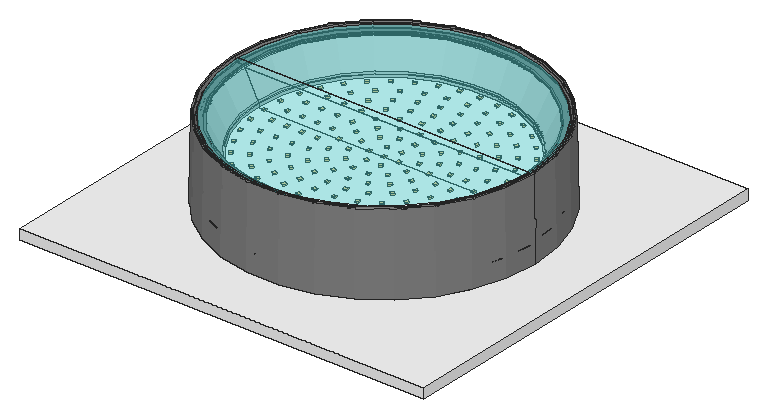
Revit family "BE_24648_de_DE", category Leuchten, Revit 2020 (continued)
Definition of nested family "BE_24648"
  Automatic sketch dimensions
    Extrusion 180 sketch curve to Extrusion 180 sketch curve = 3.2 mm
    plane 3 "Mitte (Links/Rechts)" to Revolve 181 sketch curve = 0 mm
    Revolve 181 sketch curve to plane 3 "Mitte (Links/Rechts)" = 140.207 mm
    Revolve 181 sketch curve to Revolve 181 sketch curve = 0.052 mm
    Revolve 181 sketch curve to Revolve 181 sketch curve = 2.793 mm
    level to Revolve 181 sketch curve = 22.614 mm
    Revolve 181 sketch curve to Revolve 181 sketch curve = 0.622 mm
    level to Revolve 181 sketch curve = 21.114 mm
    Revolve 181 sketch curve to Revolve 181 sketch curve = 0.128 mm
    Revolve 181 sketch curve to Revolve 181 sketch curve = 0.5 mm
    Revolve 181 sketch curve to Revolve 181 sketch curve = 1.198 mm
    Revolve 181 sketch curve to Revolve 181 sketch curve = 2.498 mm
    Revolve 181 sketch curve to Revolve 181 sketch curve = 0.051 mm
    level to Revolve 181 sketch curve = 4.114 mm
    Revolve 181 sketch curve to Revolve 181 sketch curve = 0.576 mm
    Revolve 181 sketch curve to Revolve 181 sketch curve = 1.422 mm
    Revolve 181 sketch curve to Revolve 181 sketch curve = 0.653 mm
    Revolve 181 sketch curve to Revolve 181 sketch curve = 0.838 mm
    level to Revolve 181 sketch curve = 83.576 mm
    Revolve 181 sketch curve to Revolve 181 sketch curve = 0.547 mm
    Revolve 181 sketch curve to Revolve 181 sketch curve = 4.373 mm
    Revolve 181 sketch curve to Revolve 181 sketch curve = 29.7 mm
    Revolve 181 sketch curve to Revolve 181 sketch curve = 6.462 mm
    Revolve 181 sketch curve to Revolve 181 sketch curve = 1.5 mm
    Revolve 181 sketch curve to Revolve 181 sketch curve = 1.136 mm
    Revolve 181 sketch curve to Revolve 181 sketch curve = 0.157 mm
    Revolve 181 sketch curve to Revolve 181 sketch curve = 0.01 mm
    Revolve 181 sketch curve to level = 413.745 mm
    Revolve 181 sketch curve to Revolve 181 sketch curve = 700.754 mm
    plane 3 "Mitte (Links/Rechts)" to Revolve 182 sketch curve = 0 mm
    Revolve 182 sketch curve to plane 3 "Mitte (Links/Rechts)" = 0 mm
    level to Revolve 182 sketch curve = 9 mm
    plane 3 "Mitte (Links/Rechts)" to Revolve 182 sketch curve = 135.237 mm
    level to Revolve 182 sketch curve = 8.963 mm
    Revolve 182 sketch curve to Revolve 182 sketch curve = 0.999 mm  (x7)
    level to Revolve 182 sketch curve = 17.291 mm
    Revolve 182 sketch curve to Revolve 182 sketch curve = 0.291 mm
    Revolve 182 sketch curve to Revolve 182 sketch curve = 0.025 mm
    level to Revolve 182 sketch curve = 18.964 mm
    level to Revolve 182 sketch curve = 23.033 mm
    Revolve 182 sketch curve to Revolve 182 sketch curve = 0.142 mm
    Revolve 182 sketch curve to Revolve 182 sketch curve = 4.244 mm
    Revolve 182 sketch curve to Revolve 182 sketch curve = 2.115 mm
    level to Revolve 182 sketch curve = 4.037 mm
    level to Revolve 182 sketch curve = 1.964 mm
    Revolve 182 sketch curve to Revolve 182 sketch curve = 0.072 mm
    level to Revolve 182 sketch curve = 17.674 mm
    Revolve 182 sketch curve to Revolve 182 sketch curve = 4.059 mm
    level to Revolve 182 sketch curve = 23.342 mm
    Revolve 182 sketch curve to Revolve 182 sketch curve = 0.94 mm
    level to Revolve 182 sketch curve = 22.408 mm
    Revolve 182 sketch curve to Revolve 182 sketch curve = 0.082 mm
    Revolve 182 sketch curve to Revolve 182 sketch curve = 0.671 mm
    level to Revolve 182 sketch curve = 1 mm
    Revolve 182 sketch curve to Revolve 182 sketch curve = 1.461 mm
    level to Revolve 182 sketch curve = 17.494 mm
    Revolve 182 sketch curve to Revolve 182 sketch curve = 0.114 mm
    level to Revolve 182 sketch curve = 16.536 mm
    Revolve 182 sketch curve to Revolve 182 sketch curve = 2.036 mm
    Revolve 182 sketch curve to Revolve 182 sketch curve = 0.037 mm  (x2)
    Revolve 182 sketch curve to Revolve 182 sketch curve = 0.036 mm
    Revolve 182 sketch curve to Revolve 182 sketch curve = 0.342 mm
    Revolve 182 sketch curve to level = 413.745 mm
    Revolve 182 sketch curve to Revolve 182 sketch curve = 760.868 mm
    plane 1 "Mitte (Oben/Unten)" to Extrusion 183 sketch curve = 0 mm  (x2)
    Extrusion 183 sketch curve to plane 3 "Mitte (Links/Rechts)" = 130 mm
    plane 3 "Mitte (Links/Rechts)" to Extrusion 183 sketch curve = 130 mm
    radius of Extrusion 9 sketch curve = 8.251 mm  (x2)
    radius of Extrusion 183 sketch curve = 8.251 mm  (x2)
Types (4, lengths in mm): name | built-in parameter 1150104 | built-in parameter 1150134 | Modell | M_W | M_G | built-in parameter 1150105 | Lumens | Leuchtenlichtstrom | Lampenlichtstrom | LED_Modulbezeichnung | Farbtemperatur | Datei für fotometrisches Netz | Bestellnummer | built-in parameter 1150106 | built-in parameter 1150107
  BEGA_24648_Weiß_K4 | 17.244 (stored number, unit not read) | 12 | "24648WK4" | yes | no | 400.28 (stored number, unit not read) | 5030.03 lm | "4087 lm" | "5030 lm" | "LED-1232/840" | "4000 K" | "BE_24648K4.IES" | "24648WK4" | 4.0028 (stored number, unit not read) | 4000 (stored number, unit not read)
  BEGA_24648_Weiß_K3 | 16.404 (stored number, unit not read) | (empty or 0) | "24648WK3" | yes | no | 380.78 (stored number, unit not read) | 4785.05 lm | "3888 lm" | "4785 lm" | "LED-1232/830" | "3000 K" | "BE_24648K3.IES" | "24648WK3" | 3.8078 (stored number, unit not read) | 3000 (stored number, unit not read)
  BEGA_24648_Grafit_K3 | 16.404 (stored number, unit not read) | (empty or 0) | "24648K3" | no | yes | 380.78 (stored number, unit not read) | 4785.05 lm | "3888 lm" | "4785 lm" | "LED-1232/830" | "3000 K" | "BE_24648K3.IES" | "24648K3" | 3.8078 (stored number, unit not read) | 3000 (stored number, unit not read)
  BEGA_24648_Grafit_K4 | 17.244 (stored number, unit not read) | 12 | "24648K4" | no | yes | 400.28 (stored number, unit not read) | 5030.03 lm | "4087 lm" | "5030 lm" | "LED-1232/840" | "4000 K" | "BE_24648K4.IES" | "24648K4" | 4.0028 (stored number, unit not read) | 4000 (stored number, unit not read)
